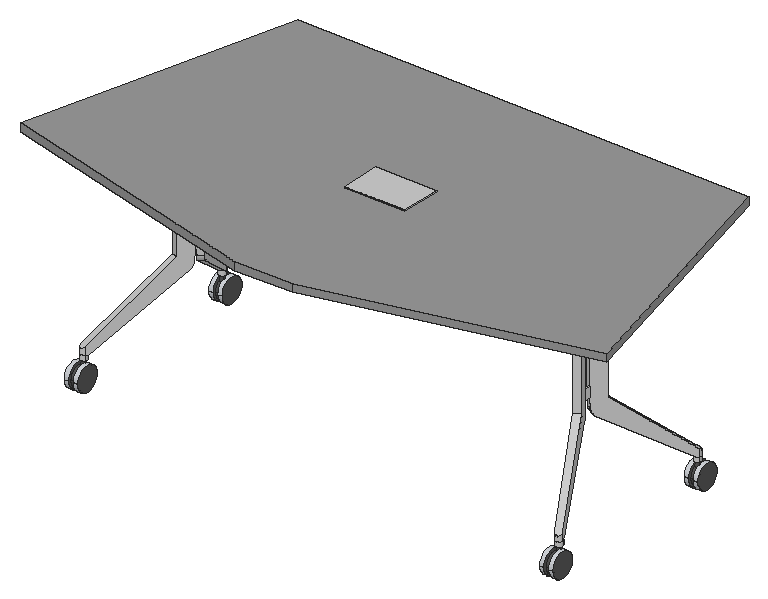
Revit family "Haworth_Planes_CollaborativeTable_Polygon_AP_PRELIMINARY", category Furniture, Revit 2019
Family settings
  OmniClass Number = 23.40.70.14.64.21
  OmniClass Title = Systems Furniture
  Work Plane-Based = No
  Always vertical = Yes
  Cut with Voids When Loaded = No
  Shared = No
  Room Calculation Point = No
Parameters (values of type "1950w x 1102d - Large")
  Warranty = "http://www.haworth.com/resources/product-info/warranties"
  URL - Product = "https://www.haworth.com/ap/en/products/conference-tables/planes-0.html"
  Trim Finish = Haworth _ Polymer _ Undecided
  Top Finish [instance] = Haworth _ Laminate _ Undecided _ Tables
  Support Finish [instance] = Haworth _ Paint _ Undecided _ Table
  Small = not(Large)  # no
  Model = "WOPLTAL"  # constant formula
  Leg Height = Actual Height - 25 mm  # 715 mm
  Large = yes
  Glides = no
  Flip Top Finish = Haworth _ Paint _ Undecided _ Table
  Flip Top = yes
  Description = "Haworth - Planes - Collaborative Table - Polygon"  # constant formula
  URL = "https://www.haworth.com/ap/en.html"
  Size = "Verify Final Dim. w/ Haworth"  # constant formula
  Revision Number = "1"  # constant formula
  Manufacturer = "Haworth"  # constant formula
  Casters = not(Glides)  # yes
  Caster Finish = Haworth _ Polymer _ Black
  Author = "Haworth (Abd Rahman)"  # constant formula
  Assembly Code = "E2020200"
  Actual Width = 1800 mm  # constant formula
  Actual Height = 740 mm  # constant formula
  Actual Depth = 900 mm  # constant formula
Types (3, lengths in mm): name | Small | Large | Glides | Flip Top | Casters
  (no name) | no | yes | no | yes | yes
  1650w x 919d - Small | yes | no | yes | no | no
  1950w x 1102d - Large | no | yes | no | yes | yes
Reference planes
  plane 1 "Center F/B": y = 0
  plane 2: z = 0
  plane 3 "Top": z = 740
  plane 4: x = 0
  plane 5: z = 715
  plane 6: x = -900
  plane 7: x = 900
  plane 8: y = 450
  plane 9: y = -450
  plane 10: x = -640
  plane 11: x = 640
  plane 12: y = -400
  plane 13: x = 850
  plane 14: y = 400
  plane 15: x = -850
Dimensions and locks
  "Actual Height": plane 3 "Top" to level
  "Actual Width": plane 6 to plane 7
  equal spacing: plane 6, plane 4, plane 7
  equal spacing: plane 8, plane 1 "Center F/B", plane 9
  "Actual Depth": plane 8 to plane 9
  locked: plane 3 "Top" to plane 5 at 25
  plane 6 to plane 10 = 260 mm
  plane 11 to plane 7 = 260 mm
  locked: plane 6 to plane 15 at 50
  locked: plane 13 to plane 7 at 50
  locked: plane 12 to plane 9 at 50
  locked: plane 14 to plane 8 at 50
  aligned and locked: nested 1 to plane 4
  aligned and locked: plane 1 "Center F/B" to nested 1
  aligned and locked: plane 3 "Top" to nested 1
  aligned and locked: nested 2 to plane 10
  aligned and locked: nested 3 to plane 11
  aligned and locked: nested 3 to plane 1 "Center F/B"
  aligned and locked: plane 1 "Center F/B" to nested 2
  aligned and locked: plane 2 to nested 2
  aligned and locked: plane 2 to nested 3
  aligned and locked: nested 4 to plane 4
  aligned and locked: plane 1 "Center F/B" to nested 4
  aligned and locked: plane 5 to nested 4
  aligned and locked: nested 5 to plane 4
  aligned and locked: plane 1 "Center F/B" to nested 5
  aligned and locked: nested 5 to plane 3 "Top"
Nested families
  nested 1: "Haworth_Planes_Top_HalfRoundPolygon_AP-PART" at (556.859, 72.1, 5), Top Finish <- "Top Finish", type "Half Round - Polygon - Top"
    with Top Finish Haworth _ Laminate _ Undecided _ Tables, Small Polygon no, Half Round no
  nested 2: "Haworth_Planes_Leg-Y" at (-640, 0, 0), type "Leg"
    with Leg Height 715 mm
  nested 3: "Haworth_Planes_Leg-Y" at (640, 0, 0) x (-1, 0, 0) z (0, 0, 1), type "Leg"
    with Leg Height 715 mm
  nested 4: "Haworth_Planes_Beam_Understructure-PART" at (0, 29.1, 0), Support Finish <- "Support Finish", type "Beam Understructure"
    with Support Finish Haworth _ Paint _ Undecided _ Table, Actual Width 1300 mm
  nested 5: "Haworth-Flip Top" at (-14.487, -1.333, -60), visible <- "Flip Top", type "Flip Top - Visio"
    with Actual Width 200 mm, Actual Depth 130 mm
Definition of nested family "Haworth_Planes_Top_HalfRoundPolygon_AP-PART"
  Parameters (values of type "Half Round - Polygon - Top")
    Warranty = "http://www.haworth.com/resources/product-info/warranties"
    URL - Product = ""
    URL = ""
    Top Finish [instance] = none
    Thickness = 25 mm
    Small Polygon = yes
    Size = "Verify Final Dim. w/ Haworth"  # constant formula
    Revision Number = "1"  # constant formula
    Model = ""
    Manufacturer = "Haworth"  # constant formula
    Large Polygon = yes
    Half Round = yes
    Description = ""
    Author = "Haworth (Abd Rahman)"  # constant formula
    Assembly Code = "E2020200"
    Actual Width = 1800 mm
    Actual Mounting Height = 450 mm
    Actual Depth = 900 mm
  Reference planes
    plane 1: z = -5
    plane 2: x = -1456.859
    plane 3: x = 343.141
    plane 4: x = -556.859
    plane 5: y = 377.9
    plane 6: y = -522.1
    plane 7: y = -72.1
    plane 8: z = 735
    plane 9: z = 710
  Forms (mm)
    Extrusion 1, solid, material <- "Top Finish", visible <- "Half Round"
      sketch origin (93.141, 1830.018, -5) x (1, 0, 0) y (0, 1, 0)
        loop
          arc (-1547.879, -1452.118) -> (-650, -2349.997) -> (247.879, -1452.118) r 897.879
          line (247.879, -1452.118) -> (-1547.879, -1452.118)
      from 715 to 740
    Extrusion 2, solid, material <- "Top Finish", visible <- "Large Polygon"
      sketch origin (-3194.131, 1729.194, -5) x (1, 0, 0) y (0, 1, 0)
        loop
          line (1888.599, -1249.992) -> (1667.566, -2126.688) -> (2561.231, -2351.999) -> (2750.35, -2349.161) -> (3614.951, -2128.231) -> (3385.944, -1252.596) -> (1888.599, -1249.992)
      from 715 to 740
    Extrusion 3, solid, material <- "Top Finish", visible <- "Small Polygon"
      sketch origin (3419.788, 3505.51, -5) x (1, 0, 0) y (0, 1, 0)
        loop
          line (-4608.189, -3127.61) -> (-4801.084, -3854.658) -> (-4069.269, -4040.118) -> (-3882.708, -4041.598) -> (-3151.123, -3854.658) -> (-3345.105, -3127.61) -> (-4608.189, -3127.61)
      from 715 to 740
  Lines and regions (mm)
    Masking region 1, visible <- "Small Polygon"
      outline origin (3419.788, 3505.51, -5) x (1, 0, 0) y (0, 1, 0)
        loop
          line (-3151.123, -3854.658) -> (-3345.105, -3127.61) -> (-4608.189, -3127.61) -> (-4801.084, -3854.658) -> (-4069.269, -4040.118) -> (-3882.708, -4041.598) -> (-3151.123, -3854.658)
    Masking region 2, visible <- "Half Round"
      outline origin (93.141, 1830.018, -5) x (1, 0, 0) y (0, 1, 0)
        loop
          line (247.879, -1452.118) -> (-1547.879, -1452.118)
          arc (-1547.879, -1452.118) -> (-650, -2349.997) -> (247.879, -1452.118) r 897.879
    Masking region 3, visible <- "Large Polygon"
      outline origin (-3046.254, 2998.465, -5) x (1, 0, 0) y (0, 1, 0)
        loop
          line (3238.068, -2521.867) -> (1740.723, -2519.264) -> (1519.69, -3395.959) -> (2413.355, -3621.27) -> (2602.474, -3618.432) -> (3467.075, -3397.503) -> (3238.068, -2521.867)
  Dimensions and locks
    equal spacing: plane 2, plane 4, plane 3
    equal spacing: plane 6, plane 7, plane 5
    "Actual Width": plane 2 to plane 3
    "Actual Depth": plane 6 to plane 5
    plane 8 to plane 9 = 25 mm  (x2)
    aligned and locked: level to plane 1
    aligned and locked: plane 8 to Extrusion 1
    aligned and locked: plane 8 to Extrusion 2
    aligned and locked: plane 8 to Extrusion 3
    aligned and locked: Extrusion 1 to plane 9
    aligned and locked: Extrusion 2 to plane 9
    aligned and locked: Extrusion 3 to plane 9
  Automatic sketch dimensions
    Extrusion 1 sketch curve to plane 4 = 0 mm
    Extrusion 1 sketch curve to plane 6 = 900 mm
    Extrusion 1 sketch curve to plane 2 = 2.121 mm
    plane 3 to Extrusion 2 sketch curve = 976.041 mm
    Extrusion 2 sketch curve to Extrusion 2 sketch curve = 189.119 mm
    Extrusion 2 sketch curve to plane 6 = 998.698 mm
    Extrusion 2 sketch curve to Extrusion 2 sketch curve = 635.594 mm
    Extrusion 2 sketch curve to Extrusion 2 sketch curve = 864.601 mm
    Extrusion 2 sketch curve to Extrusion 2 sketch curve = 220.929 mm
    Extrusion 2 sketch curve to Extrusion 2 sketch curve = 2.838 mm
    Extrusion 2 sketch curve to Extrusion 2 sketch curve = 672.632 mm
    Extrusion 2 sketch curve to plane 6 = 1001.302 mm
    Extrusion 2 sketch curve to Extrusion 2 sketch curve = 221.033 mm
    Extrusion 2 sketch curve to Extrusion 2 sketch curve = 876.696 mm
    Extrusion 3 sketch curve to plane 2 = 75.563 mm
    Extrusion 3 sketch curve to Extrusion 3 sketch curve = 731.815 mm
    Extrusion 3 sketch curve to Extrusion 3 sketch curve = 186.561 mm
    Extrusion 3 sketch curve to Extrusion 3 sketch curve = 731.585 mm
    plane 6 to Extrusion 3 sketch curve = 13.988 mm
    Extrusion 3 sketch curve to Extrusion 3 sketch curve = 1.481 mm
    Extrusion 3 sketch curve to Extrusion 3 sketch curve = 185.46 mm
    Extrusion 3 sketch curve to Extrusion 3 sketch curve = 186.94 mm
    Extrusion 3 sketch curve to Extrusion 3 sketch curve = 192.896 mm
    Extrusion 3 sketch curve to Extrusion 3 sketch curve = 193.982 mm
    Extrusion 3 sketch curve to Extrusion 3 sketch curve = 727.048 mm
    Masking region 1 sketch curve to plane 2 = 75.563 mm
    Masking region 1 sketch curve to Masking region 1 sketch curve = 192.896 mm
    Masking region 1 sketch curve to Masking region 1 sketch curve = 731.815 mm
    Masking region 1 sketch curve to Masking region 1 sketch curve = 186.561 mm
    Masking region 1 sketch curve to Masking region 1 sketch curve = 537.603 mm
    Masking region 1 sketch curve to Masking region 1 sketch curve = 193.982 mm
    plane 6 to Masking region 1 sketch curve = 13.988 mm
    Masking region 1 sketch curve to Masking region 1 sketch curve = 1.481 mm
    Masking region 1 sketch curve to Masking region 1 sketch curve = 186.94 mm
    Masking region 1 sketch curve to Masking region 1 sketch curve = 185.46 mm
    Masking region 1 sketch curve to Masking region 1 sketch curve = 727.048 mm
    Masking region 2 sketch curve to plane 2 = 2.121 mm
    Masking region 2 sketch curve to plane 4 = 0 mm
    Masking region 2 sketch curve to plane 6 = 900 mm
    plane 3 to Masking region 3 sketch curve = 1869.705 mm
    Masking region 3 sketch curve to Masking region 3 sketch curve = 221.033 mm
    Masking region 3 sketch curve to Masking region 3 sketch curve = 893.665 mm
    Masking region 3 sketch curve to Masking region 3 sketch curve = 189.119 mm
    Masking region 3 sketch curve to Masking region 3 sketch curve = 635.594 mm
    Masking region 3 sketch curve to Masking region 3 sketch curve = 864.601 mm
    plane 5 to Masking region 3 sketch curve = 1000.705 mm
    Masking region 3 sketch curve to Masking region 3 sketch curve = 2.838 mm
    Masking region 3 sketch curve to Masking region 3 sketch curve = 220.929 mm
    Masking region 3 sketch curve to Masking region 3 sketch curve = 225.311 mm
    Masking region 3 sketch curve to Masking region 3 sketch curve = 875.636 mm
Definition of nested family "Haworth_Planes_Leg-Y"
  Parameters (values of type "Leg")
    Leg Height = 774.7 mm
    Leg Finish = none
    Glides = no
    Casters = yes
    Caster Finish = none
    Assembly Code = ""
  Reference planes
    plane 1 "Center (Front/Back)": y = 0
    plane 2: z = 0
    plane 3 "Center (Left/Right)": x = 0
    plane 4 "Top of Leg": z = 774.7
    plane 5 "Y Leg Stand": x = -149.225
    plane 6 "Left Y Leg": through (-4.476, 15.493, 1219.2) normal (-0.8829, -0.4695, 0)
    plane 7 "Left Post": x = -14.287
    plane 8 "Left Support": y = 287.729
    plane 9: through (-4.476, -15.493, 1219.2) normal (0.8829, -0.4695, 0)
    plane 10: y = -287.729
  Forms (mm)
    Extrusion 1, solid, material <- "Leg Finish"
      sketch origin (-13.106, 0, 0) x (1, 0, 0) y (0, 0, 1)
        loop
          line (7.144, 346.075) -> (7.144, 377.825) -> (-1.181, 377.825) -> (-1.181, 346.075) -> (7.144, 346.075)
      from -25.4 to 25.4
    Extrusion 2, solid, material <- "Leg Finish"
      sketch origin (-4.476, 15.493, 1219.2) x (0.469468, -0.88295, 0) y (0, 0, -1)
        loop
          line (-50.8, 882.657) -> (-50.8, 444.5) -> (0, 444.5) -> (0, 873.308) -> (-2.538, 909.601)
          arc (-2.538, 909.601) -> (-6.012, 920.969) -> (-14.114, 929.665) r 26.437
          line (-14.114, 929.665) -> (-299.087, 1116.593) -> (-321.132, 1116.593) -> (-321.132, 1102.547) -> (-50.8, 882.657)
      from -11.113 to 11.113
    Extrusion 3, void
      sketch origin (18.686, 21.929, 0) x (0.88295, 0.469468, 0) y (-0.469468, 0.88295, 0)
        loop
          arc (-34.584, 313.517) -> (-23.472, 324.63) -> (-12.359, 313.517) r 11.112
          line (-12.359, 313.517) -> (-7.908, 313.517) -> (-7.908, 327.429) -> (-39.035, 327.429) -> (-39.035, 313.517) -> (-34.584, 313.517)
      from 81.937 to 140.104
    Revolve 4, solid, material <- "Leg Finish", visible <- "Glides"
      sketch origin (-149.466, -1.061, 0) x (-0.000803, -1, 0) y (0, 0, 1)
        loop
          line (-288.79, 87.312) -> (-288.79, 0) -> (-263.39, 0) -> (-263.39, 4.762) -> (-277.678, 4.762) -> (-277.678, 87.312) -> (-288.79, 87.312)
        axis (-288.79, 87.312) -> (-288.79, 0)
      angle from 0 to 360
    Extrusion 5, solid, material <- "Leg Finish"
      sketch origin (18.686, 21.929, 0) x (0.88295, 0.469468, 0) y (-0.469468, 0.88295, 0)
        loop
          circle (-23.472, 313.517) r 11.112
      from 87.312 to 102.607
    Extrusion 6, solid, material <- "Leg Finish"
      sketch origin (-4.476, -15.493, 1219.2) x (0.469468, 0.88295, 0) y (0, 0, 1)
        loop
          line (-50.8, -882.657) -> (-321.132, -1102.547) -> (-321.132, -1116.593) -> (-299.087, -1116.593) -> (-14.114, -929.665)
          arc (-14.114, -929.665) -> (-6.012, -920.969) -> (-2.538, -909.601) r 26.437
          line (-2.538, -909.601) -> (0, -873.308) -> (0, -444.5) -> (-50.8, -444.5) -> (-50.8, -882.657)
      from -11.113 to 11.113
    Extrusion 7, void
      sketch origin (18.686, -21.929, 0) x (0.88295, -0.469468, 0) y (0.469468, 0.88295, 0)
        loop
          line (-34.584, -313.517) -> (-39.035, -313.517) -> (-39.035, -327.429) -> (-7.908, -327.429) -> (-7.908, -313.517) -> (-12.359, -313.517)
          arc (-12.359, -313.517) -> (-23.472, -324.63) -> (-34.584, -313.517) r 11.112
      from 81.937 to 140.104
    Revolve 8, solid, material <- "Leg Finish", visible <- "Glides"
      sketch origin (-149.448, 1.061, 0) x (-0.000803, 1, 0) y (0, 0, -1)
        loop
          line (-288.79, -87.312) -> (-277.678, -87.312) -> (-277.678, -4.762) -> (-263.39, -4.762) -> (-263.39, 0) -> (-288.79, 0) -> (-288.79, -87.312)
        axis (-288.79, -87.312) -> (-288.79, 0)
      angle from 0 to 360
    Extrusion 9, solid, material <- "Leg Finish"
      sketch origin (18.686, -21.929, 0) x (0.88295, -0.469468, 0) y (0.469468, 0.88295, 0)
        loop
          circle (-23.472, -313.517) r 11.112
      from 87.312 to 102.607
  Cuts and joins
    Extrusion 3, Extrusion 7 cuts Extrusion 1
    Extrusion 3, Extrusion 7 cuts Extrusion 2
    Extrusion 7 cuts Extrusion 5
    Extrusion 7 cuts Extrusion 6
    Extrusion 7 cuts Extrusion 9
    joined: Extrusion 1, Extrusion 2, Extrusion 5, Extrusion 6, Extrusion 9
    Extrusion 7 cuts Revolve 4
    Extrusion 7 cuts Revolve 8
  Dimensions and locks
    "Leg Height": plane 4 "Top of Leg" to level
    plane 5 "Y Leg Stand" to plane 3 "Center (Left/Right)" = 149.225 mm
    locked: plane 7 "Left Post" to plane 3 "Center (Left/Right)" at 14.288
  Automatic sketch dimensions
    plane 7 "Left Post" to Extrusion 1 sketch curve = 0 mm
    Extrusion 1 sketch curve to plane 3 "Center (Left/Right)" = 5.962 mm
    level to Extrusion 1 sketch curve = 346.075 mm
    Extrusion 1 sketch curve to Extrusion 1 sketch curve = 31.75 mm
    plane 4 "Top of Leg" to Extrusion 2 sketch curve = 0 mm
    Extrusion 2 sketch curve to level = 116.653 mm
    Extrusion 2 sketch curve to level = 102.607 mm
    Extrusion 2 sketch curve to Extrusion 2 sketch curve = 22.044 mm
    Extrusion 2 sketch curve to Extrusion 2 sketch curve = 270.332 mm
    Extrusion 2 sketch curve to Extrusion 2 sketch curve = 21.89 mm
    Extrusion 2 sketch curve to level = 289.535 mm
    Extrusion 2 sketch curve to Extrusion 2 sketch curve = 14.796 mm
    Extrusion 2 sketch curve to level = 309.599 mm
    Extrusion 2 sketch curve to Extrusion 2 sketch curve = 11.576 mm
    Extrusion 2 sketch curve to Extrusion 2 sketch curve = 50.8 mm
    Extrusion 2 sketch curve to Extrusion 2 sketch curve = 25.1 mm
    Extrusion 2 sketch curve to Extrusion 2 sketch curve = 36.294 mm
    Extrusion 3 sketch curve to plane 5 "Y Leg Stand" = 0 mm
    Extrusion 3 sketch curve to plane 6 "Left Y Leg" = 0 mm
    Extrusion 3 sketch curve to plane 6 "Left Y Leg" = 11.112 mm
    Extrusion 3 sketch curve to Extrusion 3 sketch curve = 4.451 mm  (x2)
    Extrusion 3 sketch curve to Extrusion 3 sketch curve = 13.912 mm
    Revolve 4 sketch curve to level = 0 mm
    level to Revolve 4 sketch curve = 87.093 mm
    Revolve 4 sketch curve to Revolve 4 sketch curve = 0 mm
    level to Revolve 4 sketch curve = 4.763 mm
    Revolve 4 sketch curve to Revolve 4 sketch curve = 11.113 mm
    Revolve 4 sketch curve to Revolve 4 sketch curve = 14.287 mm
    Revolve 4 sketch curve to level = 27.207 mm
    Revolve 4 sketch curve to Revolve 4 sketch curve = 0.22 mm
    Extrusion 5 sketch curve to plane 5 "Y Leg Stand" = 0 mm
    Extrusion 5 sketch curve to plane 6 "Left Y Leg" = 0 mm
    Extrusion 6 sketch curve to plane 4 "Top of Leg" = 0 mm
    level to Extrusion 6 sketch curve = 116.653 mm
    level to Extrusion 6 sketch curve = 102.607 mm
    Extrusion 6 sketch curve to Extrusion 6 sketch curve = 22.044 mm
    Extrusion 6 sketch curve to Extrusion 6 sketch curve = 270.332 mm
    Extrusion 6 sketch curve to Extrusion 6 sketch curve = 21.89 mm
    level to Extrusion 6 sketch curve = 289.535 mm
    Extrusion 6 sketch curve to Extrusion 6 sketch curve = 14.796 mm
    level to Extrusion 6 sketch curve = 309.599 mm
    Extrusion 6 sketch curve to Extrusion 6 sketch curve = 11.576 mm
    Extrusion 6 sketch curve to Extrusion 6 sketch curve = 50.8 mm
    Extrusion 6 sketch curve to Extrusion 6 sketch curve = 25.1 mm
    Extrusion 6 sketch curve to Extrusion 6 sketch curve = 36.294 mm
    Extrusion 7 sketch curve to plane 5 "Y Leg Stand" = 0 mm
    plane 9 to Extrusion 7 sketch curve = 0 mm
    plane 9 to Extrusion 7 sketch curve = 11.112 mm
    Extrusion 7 sketch curve to Extrusion 7 sketch curve = 4.451 mm  (x2)
    Extrusion 7 sketch curve to Extrusion 7 sketch curve = 13.912 mm
    Revolve 8 sketch curve to level = 0 mm
    level to Revolve 8 sketch curve = 87.093 mm
    Revolve 8 sketch curve to Revolve 8 sketch curve = 0 mm
    level to Revolve 8 sketch curve = 4.763 mm
    Revolve 8 sketch curve to Revolve 8 sketch curve = 11.113 mm
    Revolve 8 sketch curve to Revolve 8 sketch curve = 14.287 mm
    Revolve 8 sketch curve to Revolve 8 sketch curve = 0.22 mm
    Revolve 8 sketch curve to level = 27.207 mm
    Extrusion 9 sketch curve to plane 5 "Y Leg Stand" = 0 mm
    plane 9 to Extrusion 9 sketch curve = 0 mm
    radius of Extrusion 5 sketch curve = 11.112 mm
    radius of Extrusion 9 sketch curve = 11.112 mm
  Nested families
    nested 1: "Haworth_3in Caster" at (-149.225, 287.729, 0), visible <- "Casters", type "Haworth_3in Caster"
    nested 2: "Haworth_3in Caster" at (-149.225, -287.729, 0), visible <- "Casters", type "Haworth_3in Caster"
  Definition of nested family "Haworth_3in Caster"
    Parameters
      Glides = yes
      Caster Finish = none
      Cart Leg Finish = none
      Assembly Code = ""
    Reference planes
      plane 1 "Center (Front/Back)": y = 0
      plane 2: z = 0
      plane 3 "Center (Left/Right)": x = 0
    Forms (mm)
      Extrusion 1, solid
        sketch origin (0, 0, -0.538) x (0, 1, 0) y (0, 0, 1)
          loop
            circle (-12.369, 40.225) r 39.688
        from 22.225 to 7.938
      Extrusion 2, solid
        sketch origin (0, 0, -0.538) x (0, 1, 0) y (0, 0, 1)
          loop
            circle (-12.369, 40.225) r 39.688
        from -22.225 to -7.938
      Extrusion 3, solid
        sketch origin (0, 0, 0) x (0, 1, 0) y (0, 0, 1)
          loop
            circle (-12.369, 39.687) r 33.338
        from -7.938 to 7.938
      Extrusion 4, solid
        sketch origin (0, 0, 0) x (1, 0, 0) y (0, 1, 0)
          loop
            circle (0, 0) r 6.35
        from 61.913 to 87.313
    Cuts and joins
      joined: Extrusion 3, Extrusion 4
    Dimensions and locks
      plane 3 "Center (Left/Right)" to Extrusion 2 = 7.938 mm
      Extrusion 1 to plane 3 "Center (Left/Right)" = 22.225 mm
Definition of nested family "Haworth_Planes_Beam_Understructure-PART"
  Parameters (values of type "Beam Understructure")
    Support Finish [instance] = none
    Assembly Code = ""
    Actual Width = 1400 mm
    Actual Depth = 133 mm  # constant formula
  Reference planes
    plane 1 "Center (Front/Back)": y = -29.1
    plane 2: z = 0
    plane 3 "Center (Left/Right)": x = 0
    plane 4: z = 715
    plane 5: x = -700
    plane 6: x = 700
    plane 7: z = 635
    plane 8: y = 37.4
    plane 9: y = -95.6
  Forms (mm)
    Extrusion 1, solid, material <- "Support Finish"
      sketch origin (0, -102.4, 16.467) x (0, 1, 0) y (0, 0, 1)
        loop
          arc (110.838, 646.415) -> (111.458, 647.913) -> (112.956, 648.533) r 2.118
          line (112.956, 648.533) -> (131.591, 648.533)
          arc (131.591, 648.533) -> (137.423, 650.949) -> (139.838, 656.78) r 8.247
          line (139.838, 656.78) -> (139.838, 689.631)
          arc (139.838, 689.631) -> (137.231, 695.926) -> (130.936, 698.533) r 8.902
          line (130.936, 698.533) -> (121.938, 698.533)
          arc (121.938, 698.533) -> (120.453, 697.918) -> (119.838, 696.433) r 2.1
          line (119.838, 696.433) -> (119.838, 652.533) -> (118.839, 651.533) -> (112.838, 651.533)
          arc (112.838, 651.533) -> (109.302, 650.069) -> (107.838, 646.533) r 5
          line (107.838, 646.533) -> (107.838, 623.698)
          arc (107.838, 623.698) -> (107.204, 622.167) -> (105.674, 621.533) r 2.164
          line (105.674, 621.533) -> (40.925, 621.533)
          arc (40.925, 621.533) -> (39.449, 622.145) -> (38.838, 623.621) r 2.088
          line (38.838, 623.621) -> (38.838, 646.533)
          arc (38.838, 646.533) -> (37.373, 650.069) -> (33.838, 651.533) r 5
          line (33.838, 651.533) -> (27.838, 651.533) -> (26.838, 652.533) -> (26.838, 696.483)
          arc (26.838, 696.483) -> (26.238, 697.933) -> (24.789, 698.533) r 2.05
          line (24.789, 698.533) -> (15.348, 698.533)
          arc (15.348, 698.533) -> (9.331, 696.041) -> (6.838, 690.024) r 8.509
          line (6.838, 690.024) -> (6.838, 656.933)
          arc (6.838, 656.933) -> (9.299, 650.993) -> (15.239, 648.533) r 8.4
          line (15.239, 648.533) -> (33.79, 648.533)
          arc (33.79, 648.533) -> (35.238, 647.933) -> (35.838, 646.485) r 2.048
          line (35.838, 646.485) -> (35.838, 623.876)
          arc (35.838, 623.876) -> (37.403, 620.098) -> (41.18, 618.533) r 5.343
          line (41.18, 618.533) -> (105.838, 618.533)
          arc (105.838, 618.533) -> (109.373, 619.997) -> (110.838, 623.533) r 5
          line (110.838, 623.533) -> (110.838, 646.415)
      from -700 to 700
  Lines and regions (mm)
    Masking region 1
      outline origin (0, 0, 0) x (1, 0, 0) y (0, 1, 0)
        loop
          line (-700, 37.4) -> (-700, -95.6) -> (700, -95.6) -> (700, 37.4) -> (-700, 37.4)
  Dimensions and locks
    "Actual Width": plane 5 to plane 6
    equal spacing: plane 5, plane 3 "Center (Left/Right)", plane 6
    plane 7 to plane 4 = 80 mm
    equal spacing: plane 8, plane 1 "Center (Front/Back)", plane 9
    "Actual Depth": plane 8 to plane 9
    locked: plane 4 to plane 7 at 80
    aligned and locked: Extrusion 1 to plane 5
    aligned and locked: plane 6 to Extrusion 1
    aligned and locked: plane 9 to Masking region 1 sketch curve
    aligned and locked: Masking region 1 sketch curve to plane 8
    aligned and locked: Masking region 1 sketch curve to plane 6
    aligned and locked: plane 5 to Masking region 1 sketch curve
  Automatic sketch dimensions
    plane 1 "Center (Front/Back)" to Extrusion 1 sketch curve = 66.461 mm
    Extrusion 1 sketch curve to Extrusion 1 sketch curve = 8.4 mm
    Extrusion 1 sketch curve to Extrusion 1 sketch curve = 8.509 mm
    Extrusion 1 sketch curve to Extrusion 1 sketch curve = 9.441 mm
    Extrusion 1 sketch curve to Extrusion 1 sketch curve = 11.6 mm
    Extrusion 1 sketch curve to Extrusion 1 sketch curve = 1 mm  (x4)
    Extrusion 1 sketch curve to Extrusion 1 sketch curve = 5.952 mm
    Extrusion 1 sketch curve to Extrusion 1 sketch curve = 0.048 mm  (x2)
    Extrusion 1 sketch curve to Extrusion 1 sketch curve = 2.048 mm
    Extrusion 1 sketch curve to Extrusion 1 sketch curve = 3 mm  (x2)
    Extrusion 1 sketch curve to Extrusion 1 sketch curve = 2.088 mm
    Extrusion 1 sketch curve to Extrusion 1 sketch curve = 0.255 mm
    Extrusion 1 sketch curve to Extrusion 1 sketch curve = 64.493 mm
    Extrusion 1 sketch curve to Extrusion 1 sketch curve = 0.164 mm
    Extrusion 1 sketch curve to Extrusion 1 sketch curve = 2 mm  (x2)
    Extrusion 1 sketch curve to Extrusion 1 sketch curve = 0.118 mm  (x2)
    Extrusion 1 sketch curve to Extrusion 1 sketch curve = 6 mm
    Extrusion 1 sketch curve to Extrusion 1 sketch curve = 2.1 mm
    Extrusion 1 sketch curve to Extrusion 1 sketch curve = 8.998 mm
    Extrusion 1 sketch curve to Extrusion 1 sketch curve = 11.753 mm
    Extrusion 1 sketch curve to Extrusion 1 sketch curve = 8.902 mm
    Extrusion 1 sketch curve to plane 4 = 80 mm
    Extrusion 1 sketch curve to Extrusion 1 sketch curve = 2.343 mm
    Extrusion 1 sketch curve to Extrusion 1 sketch curve = 22.882 mm
    Extrusion 1 sketch curve to Extrusion 1 sketch curve = 22.61 mm
    Extrusion 1 sketch curve to plane 4 = 8.902 mm
    Extrusion 1 sketch curve to plane 4 = 8.509 mm
Definition of nested family "Haworth-Flip Top"
  Parameters (values of type "Flip Top - Visio")
    Warranty = ""
    URL - Product = ""
    URL = ""
    Sustainability Info = ""
    Size = "Verify Final Dim. w/ Haworth"  # constant formula
    Single Sided = no
    Single Sided Wide = yes
    Revision Number = ""
    OmniClass Number = ""
    Material Options = ""
    Manufacturer = "Haworth"  # constant formula
    LEED Data = ""
    Flip Top Height = 25 mm
    Flip Top Finish = none
    Double Sided = no
    Double Sided Wide = no
    Author = "SHAPE Environments, LLC"  # constant formula
    Assembly Code = ""
    Actual Width = 500 mm
    Actual Height = 800 mm
    Actual Depth = 110 mm
  Reference planes
    plane 1 "Center F/B": y = 1.333
    plane 2: z = 0
    plane 3 "Center L/R": x = 14.487
    plane 4 "Back": y = 56.333
    plane 5 "Right": x = 264.487
    plane 6 "Front": y = -53.667
    plane 7 "Left": x = -235.513
    plane 8 "Table Height": z = 800
    plane 9: z = 775
  Forms (mm)
    Extrusion 1, solid, material <- "Flip Top Finish"
      sketch origin (0, 0, 800) x (-1, 0, 0) y (0, -1, 0)
        loop
          line (235.513, -56.333) -> (235.513, 53.667) -> (-264.487, 53.667) -> (-264.487, -56.333) -> (235.513, -56.333)
      from 0 to 3.175
    Extrusion 2, solid, material <- "Flip Top Finish"
      sketch origin (0, 0, 800) x (-1, 0, 0) y (0, -1, 0)
        loop
          line (232.338, -51.571) -> (232.338, 48.904) -> (-261.312, 48.904) -> (-261.312, -51.571) -> (232.338, -51.571)
      from 0 to -25
  Cuts and joins
    joined: Extrusion 1, Extrusion 2
  Lines and regions (mm)
    symbolic lines
      curve 1: line (-235.513, 56.333, 800) -> (264.487, 56.333, 800)
      curve 2: line (-235.513, -53.667, 800) -> (-235.513, 56.333, 800)
      curve 3: line (264.487, -53.667, 800) -> (-235.513, -53.667, 800)
      curve 4: line (264.487, 56.333, 800) -> (264.487, -53.667, 800)
  Dimensions and locks
    equal spacing: plane 7 "Left", plane 3 "Center L/R", plane 5 "Right"
    "Actual Width": plane 7 "Left" to plane 5 "Right"
    equal spacing: plane 6 "Front", plane 1 "Center F/B", plane 4 "Back"
    "Actual Depth": plane 4 "Back" to plane 6 "Front"
    plane 7 "Left" to Extrusion 2 sketch curve = 3.175 mm
    plane 4 "Back" to Extrusion 2 sketch curve = 4.762 mm
    Extrusion 2 sketch curve to plane 5 "Right" = 3.175 mm
    Extrusion 2 sketch curve to plane 6 "Front" = 4.763 mm
    "Actual Height": plane 8 "Table Height" to level
    "Flip Top Height": plane 8 "Table Height" to plane 9
    aligned and locked: plane 7 "Left" to Extrusion 1 sketch curve
    aligned and locked: Extrusion 1 sketch curve to plane 4 "Back"
    aligned and locked: Extrusion 1 sketch curve to plane 6 "Front"
    aligned and locked: Extrusion 1 sketch curve to plane 5 "Right"
    aligned and locked: cut or joined group of Extrusion 1, Extrusion 2 to plane 9
  Automatic sketch dimensions
    curve 4 to plane 5 "Right" = 0 mm
    curve 2 to plane 4 "Back" = 0 mm
    curve 2 to plane 7 "Left" = 0 mm
    curve 4 to plane 6 "Front" = 0 mm
